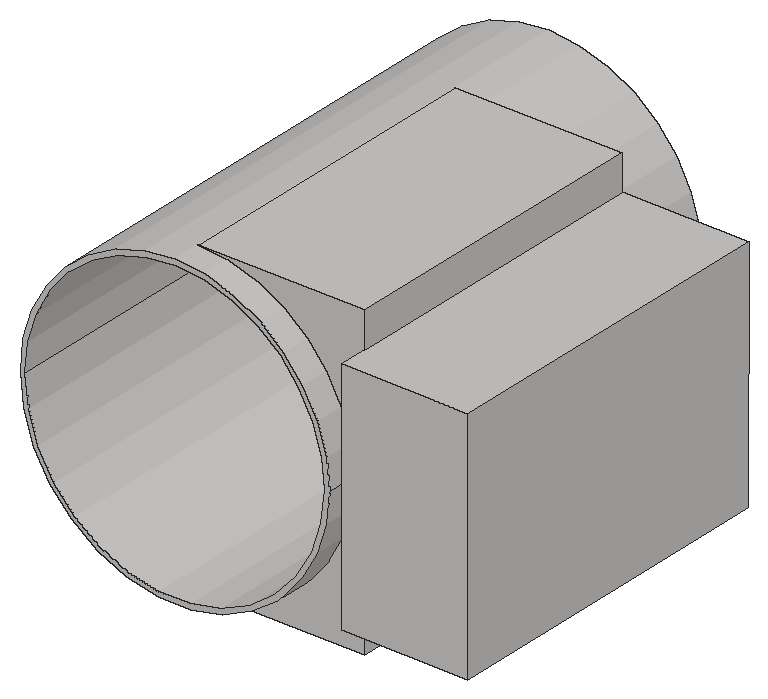
Revit family
Parameters
  Unit Weight = "26.0 lbs"
  URL = "http://www.titus-hvac.com/"
  Static Pressure [instance] = 0.00 in-wg
  Nominal Width = 1' - 11"
  Nominal Length = 2' - 0"
  Nominal Inlet Size = 1' - 4"
  Nominal Inlet Length = 2' - 0"
  Nominal Height = 1' - 3 7/8"
  Model = "DECV"
  Min. Air Flow = 0 CFM
  Max. Air Flow = 4000 CFM
  Material = Steel
  Manufacturer = "Titus"
  Inlet Radius = 0' - 7 15/16"
  Inlet Opening Radius = 0' - 7 11/16"
  Inlet Offset = 0' - 6"
  Inlet Extrusion Radius = 0' - 7 15/16"
  Inlet Diameter = 1' - 3 7/8"
  Inlet = Duct D / 2  # 0' - 7 15/16"
  Duct D = 1' - 3 7/8"
  Design Air Flow [instance] = 0 CFM
  Description = "Digital Control Terminal Unit, Retrofit, Variable Volume"
  Control Box Offset = 0' - 8 9/16"
  CADworks URL = "www.CADworks.net"
  Assembly Code = "D3040100"
Reference planes (in)
  plane 1 "Center (Front/Back)": y = 0
  plane 2: z = 0
  plane 3 "Center (Left/Right)": x = 0
  plane 4: y = 6
  plane 5: y = 12
  plane 6: y = -12
  plane 7: x = 8.5625
  plane 8: y = -12
  plane 9: z = 6.125
  plane 10: z = -6.125
  plane 11: z = -7.9375
  plane 12: z = 7.9375
  plane 13: x = 15.0625
  plane 14: x = -7.9375
Forms (in)
  Extrusion 1, solid, material "Steel" <- "Material"
    sketch origin (0, -8.5, 0) x (1, 0, 0) y (0, 0, 1)
      loop
        circle (0, 0) r 7.9375
    from -20.5 to 3.5
  Extrusion 2, solid, material "Steel" <- "Material"
    sketch origin (4.29125, 6, 3.56775) x (1, 0, 0) y (0, 0, 1)
      loop
        line (4.27125, 2.55725) -> (4.27125, -9.69275) -> (10.77125, -9.69275) -> (10.77125, 2.55725) -> (4.27125, 2.55725)
    from 0 to 18
  Extrusion 3, solid, material "Steel" <- "Material"
    sketch origin (0, 10, 0) x (-1, 0, 0) y (0, 0, -1)
      loop
        line (-8.5625, 7.9375) -> (-8.5625, -7.9375) -> (0, -7.9375)
        arc (0, -7.9375) -> (-7.9375, 0) -> (0, 7.9375) r 7.9375
        line (0, 7.9375) -> (-8.5625, 7.9375)
    from 4 to 20.5
  Extrusion 4, void
    sketch origin (0, -12, 0) x (1, 0, 0) y (0, 0, -1)
      loop
        circle (0, 0) r 7.6875
    from 0 to 24
Cuts and joins
  Extrusion 4 cuts Extrusion 1
  Extrusion 4 cuts Extrusion 3
Dimensions and locks (in)
  "Inlet Offset": plane 5 to plane 4
  locked: cut or joined group of Extrusion 1, Extrusion 4 to plane 5 at 0
  "Nominal Inlet Length": cut or joined group of Extrusion 1, Extrusion 4 to cut or joined group of Extrusion 1, Extrusion 4
  equal spacing: cut or joined group of Extrusion 1, Extrusion 4, plane 1 "Center (Front/Back)", cut or joined group of Extrusion 1, Extrusion 4
  "Nominal Inlet Length": plane 6 to plane 5
  equal spacing: plane 6, plane 1 "Center (Front/Back)", plane 5
  locked: Extrusion 2 to Extrusion 2 at 18
  locked: Extrusion 2 sketch curve to Extrusion 2 sketch curve at 6.5
  locked: Extrusion 2 sketch curve to Extrusion 2 sketch curve at 12.25
  Extrusion 2 sketch curve to Extrusion 2 sketch curve = 1' - 0 1/4"
  "Inlet Diameter": Extrusion 3 sketch curve to Extrusion 3 sketch curve
  locked: Extrusion 1 sketch curve to level at 0
  locked: Extrusion 1 sketch curve to plane 3 "Center (Left/Right)" at 0
  "Control Box Offset": plane 7 to plane 3 "Center (Left/Right)"
  "Control Box Offset": plane 3 "Center (Left/Right)" to plane 7
  locked: plane 6 to cut or joined group of Extrusion 3, Extrusion 4 at 1.5
  locked: cut or joined group of Extrusion 3, Extrusion 4 to plane 4 at 0
  equal spacing: cut or joined group of Extrusion 3, Extrusion 4, level, cut or joined group of Extrusion 3, Extrusion 4
  "Inlet Radius": radius of Extrusion 1 sketch curve
  "Inlet Extrusion Radius": radius of Extrusion 3 sketch curve
  "Inlet Opening Radius": radius of Extrusion 4 sketch curve
  aligned and locked: plane 9 to Extrusion 2
  aligned and locked: plane 10 to Extrusion 2
  aligned and locked: plane 3 "Center (Left/Right)" to Extrusion 3 sketch curve
  aligned and locked: plane 3 "Center (Left/Right)" to connector elem
  aligned and locked: connector elem to plane 3 "Center (Left/Right)"
  aligned and locked: plane 3 "Center (Left/Right)" to cut or joined group of Extrusion 3, Extrusion 4  (x3)
  aligned and locked: Extrusion 2 to plane 7
  aligned and locked: plane 7 to cut or joined group of Extrusion 3, Extrusion 4
  aligned and locked: cut or joined group of Extrusion 3, Extrusion 4 to Extrusion 2
Automatic sketch dimensions
  plane 7 to Extrusion 2 sketch curve = 0' - 0"
  Extrusion 2 sketch curve to level = 0' - 6 1/8"
  Extrusion 3 sketch curve to plane 7 = 0' - 0"
  Extrusion 3 sketch curve to level = 0' - 0"
Connectors (in)
  hvac at (0, -12, 0), driven by "Design Air Flow", driven by "Inlet", driven by "Static Pressure"
    settings: on cut or joined group of Extrusion 1, Extrusion 4, index 1
  hvac at (0, 12, 0), driven by "Static Pressure", driven by "Design Air Flow", driven by "Inlet"
    settings: on cut or joined group of Extrusion 1, Extrusion 4, index 2
